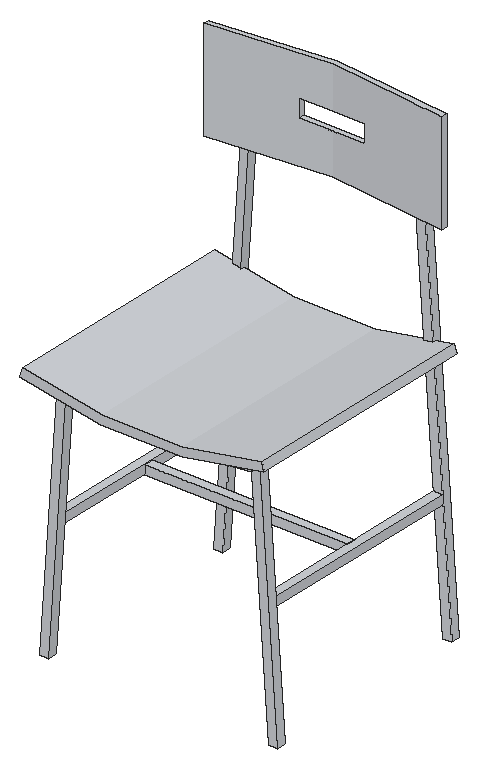
Revit family
Parameters (values of type "Modello Base")
  Manufacturer = "Revit"
  Materiale Struttura = none
  Materiale Seduta [instance] = none
Reference planes
  plane 1 "Center (Front/Back)": y = 0
  plane 2: z = 0
  plane 3 "Center (Left/Right)": x = 0
Forms (mm)
  Extrusion 1, solid, material <- "Materiale Struttura"
    sketch origin (0, 0, 0) x (1, 0, 0) y (0, 1, 0)
      loop
        arc (200, 390) -> (0, 410) -> (-200, 390) r 1010
        line (-200, 390) -> (-200, 380)
        arc (-200, 380) -> (0, 400.2) -> (200, 380) r 1000.2
        line (200, 380) -> (200, 390)
    from 630.357 to 800.357
  Extrusion 2, void
    sketch origin (0, 0, 0) x (1, 0, 0) y (0, 0, 1)
      loop
        line (-55, 730.357) -> (-55, 700.357) -> (55, 700.357) -> (55, 730.357) -> (-55, 730.357)
    from -518.133 to -345.455
  Extrusion 3, solid, material <- "Materiale Seduta"
    sketch origin (0, 0, 0) x (1, 0, 0) y (0, 0, 1)
      loop
        line (-200.767, 447.728) -> (-204.967, 433.327)
        arc (-204.967, 433.327) -> (0, 405.357) -> (204.967, 433.327) r 765
        line (204.967, 433.327) -> (200.767, 447.728)
        arc (200.767, 447.728) -> (0, 420.357) -> (-200.767, 447.728) r 750
    from -404.441 to 0
  Extrusion 4, solid, material <- "Materiale Struttura"
    sketch origin (0, 233, -0.357) x (1, 0, 0) y (0, 0, 1)
      loop
        line (-169.417, 217.815) -> (-169.417, 202.815) -> (170.49, 202.815) -> (170.49, 217.815) -> (-169.417, 217.815)
    from 0 to 15
  Extrusion 5, solid, material <- "Materiale Struttura"
    sketch origin (170.49, 0, 0) x (0, 1, 0) y (0, 0, 1)
      loop
        line (51, 217.458) -> (51, 202.458) -> (400, 202.458) -> (400, 217.458) -> (51, 217.458)
    from 0 to 15
  Extrusion 6, solid, material <- "Materiale Struttura"
    sketch origin (-185.528, 0, 0) x (0, 1, 0) y (0, 0, 1)
      loop
        line (51, 217.458) -> (51, 202.458) -> (400, 202.458) -> (400, 217.458) -> (51, 217.458)
    from 0 to 15
  Extrusion 7, solid, material <- "Materiale Struttura"
    sketch origin (0, 0, 0) x (1, 0, 0) y (0, 0, 1)
      loop
        line (-156.317, 421.498) -> (-156.317, 401.078)
        arc (-156.317, 401.078) -> (0, 385.357) -> (156.317, 401.078) r 785
        line (156.317, 401.078) -> (154.879, 421.199)
        arc (154.879, 421.199) -> (-0.735, 405.357) -> (-156.317, 421.498) r 765
    from -400 to -36
  Extrusion 8, solid, material <- "Materiale Struttura"
    sketch origin (0, 51, 0) x (1, 0, 0) y (0, 0, 1)
      loop
        line (-200.026, 0) -> (-184.987, 0) -> (-154.879, 421.199) -> (-169.687, 424.414) -> (-200.026, 0)
      loop
        line (200.026, 0) -> (169.687, 424.414) -> (154.879, 421.199) -> (184.987, 0) -> (200.026, 0)
    from 0 to 15
  Extrusion 9, solid, material <- "Materiale Struttura"
    sketch origin (0, 415, 0) x (1, 0, 0) y (0, 0, 1)
      loop
        line (200.026, 0) -> (151.364, 680.74) -> (136.556, 677.525) -> (184.987, 0) -> (200.026, 0)
      loop
        line (-200.026, 0) -> (-184.987, 0) -> (-136.556, 677.525) -> (-151.364, 680.74) -> (-200.026, 0)
    from 0 to 15
Cuts and joins
  Extrusion 2 cuts Extrusion 1
Lines and regions (mm)
  symbolic lines
    curve 1: line (0, 0, 447.371) -> (0, 400, 447.371)
    curve 2: line (0, 0, 432.97) -> (0, 400, 432.97)
    curve 3: line (0, 0, 420.842) -> (0, 400, 420.842)
    curve 4: line (0, 400, 400.721) -> (0, 51, 400.721)
    curve 5: line (0, 36, 400.721) -> (0, 0, 400.721)
    curve 6: line (0, 51, 217.458) -> (0, 400, 217.458)
    curve 7: line (0, 400, 202.458) -> (0, 51, 202.458)
    curve 8: line (0, 51, 420.842) -> (0, 51, 0)
    curve 9: line (0, 36, 0) -> (0, 36, 420.842)
    curve 10: line (0, 0, 400.721) -> (0, 0, 447.371)
    curve 11: line (0, 51, 0) -> (0, 36, 0)
    curve 12: line (0, 400, 0) -> (0, 415, 0)
    curve 13: line (0, 400, 774.614) -> (0, 400, 0)
    curve 14: line (0, 415, 0) -> (0, 415, 774.614)
    curve 15: line (0, 415, 774.614) -> (0, 400, 774.614)
    curve 16: line (0, 410, 800) -> (0, 410, 774.614)
    curve 17: line (0, 380, 800) -> (0, 410, 800)
    curve 18: line (0, 390, 800) -> (0, 390, 630)
    curve 19: line (0, 380, 630) -> (0, 380, 800)
    curve 20: line (0, 400, 630) -> (0, 380, 630)
    curve 21: line (-161.326, 387.104, 0) -> (-161.326, 0, 0)
    curve 22: line (-121.411, 392.804, 0) -> (-121.411, 0, 0)
    curve 23: line (-81.139, 396.903, 0) -> (-81.139, 0, 0)
    curve 24: line (-40.629, 399.374, 0) -> (-40.629, 0, 0)
    curve 25: line (40.629, 399.374, 0) -> (40.629, 0, 0)
    curve 26: line (81.139, 396.903, 0) -> (81.139, 0, 0)
    curve 27: line (121.411, 392.804, 0) -> (121.411, 0, 0)
    curve 28: line (161.326, 387.104, 0) -> (161.326, 0, 0)
    curve 29: line (200.767, 400, 0) -> (200.767, 0, 0)
    curve 30: line (204.967, 0, 0) -> (204.967, 400, 0)
    curve 31: line (-204.967, 400, 0) -> (-204.967, 0, 0)
    curve 32: line (-200.767, 400, 0) -> (-200.767, 0, 0)
    curve 33: line (-204.967, 0, 0) -> (204.967, 0, 0)
    curve 34: line (-141.774, 400, 0) -> (-204.967, 400, 0)
    curve 35: line (204.967, 400, 0) -> (141.774, 400, 0)
    curve 36: arc (200, 380, 0) -> (0, 400.2, 0) -> (-200, 380, 0) r 1000.2
    curve 37: arc (200, 390, 0) -> (0, 410, 0) -> (-200, 390, 0) r 1010
    curve 38: line (200, 380, 0) -> (200, 390, 0)
    curve 39: line (-200, 390, 0) -> (-200, 380, 0)
    curve 40: line (-161.326, 400, 0) -> (-161.326, 397.033, 0)
    curve 41: arc (-143.746, 408.29, 0) -> (-136.227, 400.771, 0) -> (-128.708, 408.29, 0) r 7.519
    curve 42: arc (-128.708, 408.29, 0) -> (-136.227, 415.809, 0) -> (-143.746, 408.29, 0) r 7.519
    curve 43: arc (143.746, 408.29, 0) -> (136.227, 415.809, 0) -> (128.708, 408.29, 0) r 7.519
    curve 44: arc (128.708, 408.29, 0) -> (136.227, 400.771, 0) -> (143.746, 408.29, 0) r 7.519
